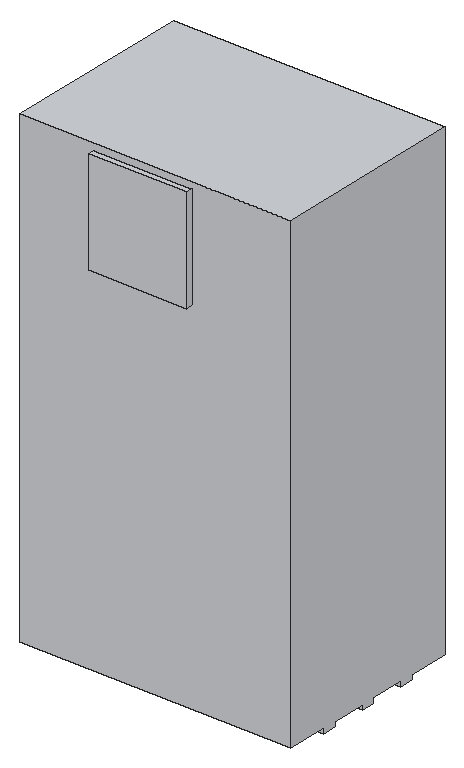
Revit family "M_WSHP - Vertical - 23-35 kW - Retorno traseiro - Descarga frontal", category Equipamento mecânico, Revit 2019
Family settings
  Cota do conector redondo = Usar raio
  Tipo de parte = Normal
  Número OmniClass = 23.75.10.21.17
  Título OmniClass = Water-Source Heat Pumps
  ID de item do Seek = WSHP - Vertical - 23-35 kW - Rear Return - Front Discharge-0000-CAN-ENU
  Com base no plano de trabalho = Não
  Sempre na vertical = Sim
  Corte com vazios quando carregada = Não
  Compartilhado = Não
  Ponto de cálculo do ambiente = Não
Parameters (values of type "23 kW")
  Raio do fornecimento de água = 20 mm
  Diâmetro do fornecimento de água = Raio do fornecimento de água * 2  # 40 mm
  Raio do retorno da água = 20 mm
  Diâmetro do retorno da água = Raio do retorno da água * 2  # 40 mm
  Queda de pressão da água [instance] = 59294.9 Pa
  Fluxo da água [instance] = 1.14 L/s
  Voltagem = 460 V
  Largura do ar de fornecimento = 375 mm
  Altura do ar de fornecimento = 400 mm
  Largura do ar de retorno = 900 mm
  Altura do ar de retorno = 600 mm
  Largura da bomba = 736.6 mm
  Material da bomba = none
  Comprimento da bomba = 1041.4 mm
  Altura da bomba = 1816.1 mm
  Número de pólos = 3
  Classificação de carga = Refrigeração
  Fluxo da drenagem [instance] = 0.0 L/s
  Raio da condensação = 15 mm
  Diâmetro da condensação = Raio da condensação * 2  # 30 mm
  C6 Deslocamento 2 = 53.4 mm
  C6 Deslocamento 1 = 25.4 mm
  C5 Deslocamento 2 = 574.1 mm
  C5 Deslocamento 1 = 78.8 mm
  C4 Deslocamento 1 = 284.5 mm
  C3 Deslocamento 1 = 368.3 mm
  C2 Deslocamento 1 = 101.6 mm
  C1 Deslocamento 2 = 520.7 mm
  C1 Deslocamento 1 = 187.9 mm
  Carga aparente = 6026 VA
  Pressão estática externa [instance] = 248.84 Pa
  Fluxo de ar [instance] = 1227.06 L/s
Types (4, lengths in mm): name | Queda de pressão da água | Fluxo da água | Largura do ar de fornecimento | C4 Deslocamento 1 | Carga aparente | Pressão estática externa | Fluxo de ar
  (no name) | 59294.9 Pa | 1.14 L/s | 375 | 284.5 | 6026 VA | 248.84 Pa | 1227.06 L/s
  23 kW | 59294.9 Pa | 1.14 L/s | 375 | 284.5 | 6026 VA | 248.84 Pa | 1227.06 L/s
  30 kW | 69637.1 Pa | 1.51 L/s | 375 | 284.5 | 8970 VA | 373.26 Pa | 1651.82 L/s
  35 kW | 91700.3 Pa | 1.89 L/s | 475 | 147.3 | 9890 VA | 373.26 Pa | 1982.18 L/s
Reference planes
  plane 1 "Centro (Frente/Trás)": y = 0
  plane 2: z = 0
  plane 3 "Centro (Esquerda/Direita)": x = 0
  plane 4: x = 1041.4
  plane 5: y = 736.6
  plane 6: z = 1835.15
  plane 7: z = 19.05
  plane 8: y = 368.3
  plane 9: y = 393.7
  plane 10: y = 342.9
  plane 11: y = 552.45
  plane 12: y = 184.15
  plane 13: y = 577.85
  plane 14: y = 527.05
  plane 15: y = 209.55
  plane 16: y = 158.75
  plane 17: z = 539.75
  plane 18: y = 101.6
  plane 19: y = 187.9
  plane 20: y = 368.3
  plane 21: x = -25.4
  plane 22: z = 53.4
  plane 23: x = 1016
  plane 24: y = -25.4
  plane 25: z = 1809.75
  plane 26: z = 1409.75
  plane 27: x = 284.5
  plane 28: x = 659.5
  plane 29: y = -25.4
  plane 30: z = 1261.05
  plane 31: x = 978.8
  plane 32: z = 661.05
  plane 33: x = 78.8
  plane 34: y = 762
  plane 35: y = 25.4
Forms (mm)
  Extrusion 1, solid, material <- "Material da bomba"
    sketch origin (0, 0, 0) x (1, 0, 0) y (0, 1, 0)
      loop
        line (0, 736.6) -> (0, 0) -> (1041.4, 0) -> (1041.4, 736.6) -> (0, 736.6)
    from 19.05 to 1835.15
  Extrusion 2, solid, material <- "Material da bomba"
    sketch origin (0, 0, 0) x (0, 1, 0) y (0, 0, 1)
      loop
        line (393.7, 19.05) -> (342.9, 19.05) -> (342.9, 0) -> (393.7, 0) -> (393.7, 19.05)
    from 0 to 1041.4
  Extrusion 3, solid, material <- "Material da bomba"
    sketch origin (0, 0, 0) x (0, 1, 0) y (0, 0, 1)
      loop
        line (577.85, 19.05) -> (527.05, 19.05) -> (527.05, 0) -> (577.85, 0) -> (577.85, 19.05)
    from 0 to 1041.4
  Extrusion 4, solid, material <- "Material da bomba"
    sketch origin (0, 0, 0) x (0, 1, 0) y (0, 0, 1)
      loop
        line (209.55, 19.05) -> (158.75, 19.05) -> (158.75, 0) -> (209.55, 0) -> (209.55, 19.05)
    from 0 to 1041.4
  Extrusion 5, solid, material <- "Material da bomba"
    sketch origin (0, 0, 0) x (0, 1, 0) y (0, 0, 1)
      loop
        circle (101.6, 539.75) r 20
    from 0 to -25.4
  Extrusion 6, solid, material <- "Material da bomba"
    sketch origin (0, 0, 0) x (0, 1, 0) y (0, 0, 1)
      loop
        circle (187.9, 539.75) r 20
    from 0 to -25.4
  Extrusion 7, solid, material <- "Material da bomba"
    sketch origin (0, 0, 0) x (0, 1, 0) y (0, 0, 1)
      loop
        circle (368.3, 539.75) r 15
    from 0 to -25.4
  Extrusion 8, solid, material <- "Material da bomba"
    sketch origin (0, 0, 0) x (1, 0, 0) y (0, 0, 1)
      loop
        circle (1016, 53.4) r 12.7
    from -25.4 to 0
  Extrusion 9, solid, material <- "Material da bomba"
    sketch origin (0, 0, 0) x (1, 0, 0) y (0, 0, 1)
      loop
        line (284.5, 1809.75) -> (284.5, 1409.75) -> (659.5, 1409.75) -> (659.5, 1809.75) -> (284.5, 1809.75)
    from 0 to 25.4
  Extrusion 10, solid, material <- "Material da bomba"
    sketch origin (0, 0, 0) x (1, 0, 0) y (0, 0, 1)
      loop
        line (78.8, 1261.05) -> (78.8, 661.05) -> (978.8, 661.05) -> (978.8, 1261.05) -> (78.8, 1261.05)
    from -736.6 to -762
Cuts and joins
  joined: Extrusion 1, Extrusion 2, Extrusion 3, Extrusion 4, Extrusion 5, Extrusion 6, Extrusion 7, Extrusion 8, Extrusion 9, Extrusion 10
Dimensions and locks
  "Comprimento da bomba": plane 3 "Centro (Esquerda/Direita)" to plane 4
  "Largura da bomba": plane 5 to plane 1 "Centro (Frente/Trás)"
  locked: plane 7 to plane 2 at 19.05
  "Altura da bomba": plane 6 to plane 7
  equal spacing: plane 5, plane 8, plane 1 "Centro (Frente/Trás)"
  plane 9 to plane 8 to plane 10 = 25.4 mm locked, 25.4 mm locked
  equal spacing: plane 5, plane 11, plane 8
  equal spacing: plane 8, plane 12, plane 1 "Centro (Frente/Trás)"
  plane 13 to plane 11 to plane 14 = 25.4 mm locked, 25.4 mm locked
  plane 15 to plane 12 to plane 16 = 25.4 mm locked, 25.4 mm locked
  "C1 Deslocamento 2": plane 17 to plane 7
  "C2 Deslocamento 1": plane 18 to plane 1 "Centro (Frente/Trás)"
  "C1 Deslocamento 1": plane 19 to plane 1 "Centro (Frente/Trás)"
  "C3 Deslocamento 1": plane 20 to plane 1 "Centro (Frente/Trás)"
  plane 21 to plane 3 "Centro (Esquerda/Direita)" = 25.4 mm
  "C6 Deslocamento 2": plane 22 to plane 2
  "C6 Deslocamento 1": plane 4 to plane 23
  locked: plane 6 to plane 25 at 25.4
  "Altura do ar de fornecimento": plane 25 to plane 26
  "C4 Deslocamento 1": plane 27 to plane 3 "Centro (Esquerda/Direita)"
  "Largura do ar de fornecimento": plane 28 to plane 27
  locked: plane 29 to plane 1 "Centro (Frente/Trás)" at 25.4
  "C5 Deslocamento 1": plane 33 to plane 3 "Centro (Esquerda/Direita)"
  "Largura do ar de retorno": plane 31 to plane 33
  "C5 Deslocamento 2": plane 6 to plane 30
  "Altura do ar de retorno": plane 30 to plane 32
  locked: plane 34 to plane 5 at 25.4
  locked: plane 35 to plane 1 "Centro (Frente/Trás)" at 25.4
  "Raio do retorno da água": radius of Extrusion 5 sketch curve
  "Raio do fornecimento de água": radius of Extrusion 6 sketch curve
  "Raio da condensação": radius of Extrusion 7 sketch curve
  radius of Extrusion 8 sketch curve = 12.7 mm
  aligned and locked: Extrusion 1 to plane 3 "Centro (Esquerda/Direita)"
  aligned and locked: plane 5 to Extrusion 1
  aligned and locked: plane 4 to Extrusion 1
  aligned and locked: plane 1 "Centro (Frente/Trás)" to Extrusion 1
  aligned and locked: plane 6 to Extrusion 1
  aligned and locked: Extrusion 1 to plane 7
  aligned and locked: Extrusion 2 to plane 9
  aligned and locked: plane 10 to Extrusion 2
  aligned and locked: plane 7 to Extrusion 2
  aligned and locked: Extrusion 2 to plane 2
  aligned and locked: Extrusion 3 to plane 13
  aligned and locked: plane 14 to Extrusion 3
  aligned and locked: plane 7 to Extrusion 3
  aligned and locked: Extrusion 3 to plane 2
  aligned and locked: Extrusion 4 to plane 15
  aligned and locked: plane 16 to Extrusion 4
  aligned and locked: plane 7 to Extrusion 4
  aligned and locked: Extrusion 4 to plane 2
  aligned and locked: Extrusion 3 to plane 3 "Centro (Esquerda/Direita)"
  aligned and locked: Extrusion 2 to plane 3 "Centro (Esquerda/Direita)"
  aligned and locked: Extrusion 4 to plane 3 "Centro (Esquerda/Direita)"
  aligned and locked: plane 4 to Extrusion 3
  aligned and locked: plane 4 to Extrusion 2
  aligned and locked: plane 4 to Extrusion 4
  aligned and locked: plane 17 to Extrusion 5 sketch curve
  aligned and locked: plane 17 to Extrusion 6 sketch curve
  aligned and locked: plane 17 to Extrusion 7 sketch curve
  aligned and locked: plane 18 to Extrusion 5 sketch curve
  aligned and locked: plane 19 to Extrusion 6 sketch curve
  aligned and locked: plane 20 to Extrusion 7 sketch curve
  aligned and locked: Extrusion 7 to plane 3 "Centro (Esquerda/Direita)"  (x2)
  aligned and locked: Extrusion 7 to plane 21
  aligned and locked: Extrusion 6 to plane 21
  aligned and locked: Extrusion 5 to plane 21
  aligned and locked: plane 3 "Centro (Esquerda/Direita)" to Extrusion 6
  aligned and locked: plane 3 "Centro (Esquerda/Direita)" to Extrusion 5
  aligned and locked: plane 22 to Extrusion 8 sketch curve
  aligned and locked: plane 23 to Extrusion 8 sketch curve
  aligned and locked: plane 25 to Extrusion 9
  aligned and locked: Extrusion 9 to plane 26
  aligned and locked: Extrusion 9 to plane 27
  aligned and locked: plane 28 to Extrusion 9
  aligned and locked: Extrusion 9 to plane 1 "Centro (Frente/Trás)"
  aligned and locked: Extrusion 9 to plane 29
  aligned and locked: plane 30 to Extrusion 10
  aligned and locked: Extrusion 10 to plane 32
  aligned and locked: Extrusion 10 to plane 31
  aligned and locked: Extrusion 10 to plane 33
  aligned and locked: Extrusion 10 to plane 5
  aligned and locked: plane 34 to Extrusion 10
  aligned and locked: plane 35 to Extrusion 8
  aligned and locked: plane 1 "Centro (Frente/Trás)" to Extrusion 8
Automatic sketch dimensions
  plane 3 "Centro (Esquerda/Direita)" to Extrusion 1 sketch curve = 0 mm
  Extrusion 1 sketch curve to plane 1 "Centro (Frente/Trás)" = 0 mm
  plane 4 to Extrusion 1 sketch curve = 0 mm
  plane 5 to Extrusion 1 sketch curve = 0 mm
  plane 8 to Extrusion 2 sketch curve = 25.4 mm
  Extrusion 2 sketch curve to plane 8 = 25.4 mm
  Extrusion 2 sketch curve to level = 0 mm
  plane 7 to Extrusion 2 sketch curve = 0 mm
  plane 11 to Extrusion 3 sketch curve = 25.4 mm
  Extrusion 3 sketch curve to plane 11 = 25.4 mm
  Extrusion 3 sketch curve to level = 0 mm
  plane 7 to Extrusion 3 sketch curve = 0 mm
  plane 12 to Extrusion 4 sketch curve = 25.4 mm
  Extrusion 4 sketch curve to level = 0 mm
  Extrusion 4 sketch curve to plane 12 = 25.4 mm
  plane 7 to Extrusion 4 sketch curve = 0 mm
  plane 27 to Extrusion 9 sketch curve = 0 mm
  Extrusion 9 sketch curve to plane 28 = 0 mm
  plane 26 to Extrusion 9 sketch curve = 0 mm
  Extrusion 9 sketch curve to plane 25 = 0 mm
  Extrusion 10 sketch curve to plane 27 = 205.7 mm
  plane 28 to Extrusion 10 sketch curve = 319.3 mm
  plane 17 to Extrusion 10 sketch curve = 121.3 mm
  Extrusion 10 sketch curve to plane 26 = 148.7 mm
Connectors
  piping at (-25.4, 187.9, 539.75), diameter 40, driven by "Fluxo da água", driven by "Raio do fornecimento de água"
    settings: on Extrusion 6, index 1, connector inside diameter 40 mm, connector length 0 mm, flow factor 0, pipe flow 1.14 L/s, pressure drop 0.0 Pa, fitting loss kfactor 0, connector angle 0.00°, fixture units 0, engagement length 0 mm, angle of deflection 0.00°, flow configuration 1, flow direction 1, fitting loss method 0, system type 7, joint type 0, gender type 0, connector reference index 2, connector utility 0, adjustable connector no, is connector primary yes, connector description "Entrada do fornecimento de água"
  piping at (-25.4, 101.6, 539.75), diameter 40, driven by "Fluxo da água", driven by "Queda de pressão da água", driven by "Raio do retorno da água"
    settings: on Extrusion 5, index 2, connector inside diameter 40 mm, connector length 0 mm, flow factor 0, pipe flow 1.14 L/s, pressure drop 59294.9 Pa, fitting loss kfactor 0, connector angle 0.00°, fixture units 0, engagement length 0 mm, angle of deflection 0.00°, flow configuration 1, flow direction 2, fitting loss method 4, system type 8, joint type 0, gender type 0, connector reference index 1, connector utility 0, adjustable connector no, is connector primary no, connector description "Saída do retorno da água"
  piping at (-25.4, 368.3, 539.75), diameter 30, driven by "Raio da condensação", driven by "Fluxo da drenagem"
    settings: on Extrusion 7, index 3, connector inside diameter 30 mm, connector length 0 mm, flow factor 0, pipe flow 0.0 L/s, pressure drop 0.0 Pa, fitting loss kfactor 0, connector angle 0.00°, fixture units 0, engagement length 0 mm, angle of deflection 0.00°, flow configuration 1, flow direction 2, fitting loss method 0, system type 16, joint type 0, gender type 0, connector reference index -1, connector utility 0, adjustable connector yes, is connector primary no, connector description "Saída de condensação"
  hvac at (472, -25.4, 1609.75), driven by "Fluxo de ar", driven by "Altura do ar de fornecimento", driven by "Largura do ar de fornecimento"
    settings: on Extrusion 9, index 4, duct flow 1227.06 L/s, flow factor 0, pres drop 373.26 Pa, loss coef 0, conn angle 0.00°, conn width 375 mm, conn height 400 mm, conn diameter 609.6 mm, duct sys type 1, conn prof type 1, flow config 0, flow direction 2, loss method 0, conn ref index 5, conn util no, is conn primary yes, conn desc ""
  hvac at (528.8, 762, 961.05), driven by "Fluxo de ar", driven by "Altura do ar de retorno", driven by "Largura do ar de retorno"
    settings: on Extrusion 10, index 5, duct flow 1227.06 L/s, flow factor 0, pres drop 0.0 Pa, loss coef 0, conn angle 0.00°, conn width 900 mm, conn height 600 mm, conn diameter 609.6 mm, duct sys type 2, conn prof type 1, flow config 0, flow direction 1, loss method 0, conn ref index 4, conn util no, is conn primary no, conn desc ""
  electrical at (1016, 0, 53.4), driven by "Carga aparente", driven by "Voltagem", driven by "Número de pólos", driven by "Classificação de carga"
    settings: on Extrusion 8, index 6, voltage 460 V, apparent load 6026 VA, apparent load phase1 0 VA, apparent load phase2 0 VA, apparent load phase3 0 VA, power factor 0.8, load classification "Refrigeração", number of poles 3, system type 30, power factor state 1, is connector primary yes, connector utility no, sub classification motor no, connector description ""
